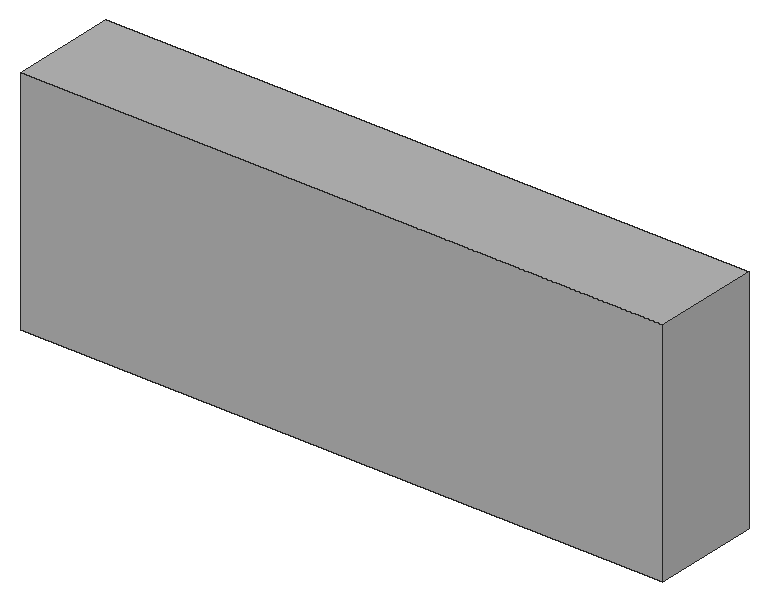
Revit family "100x215x600mm Padstone -PS102", category Generic Models, Revit 2020
Family settings
  Can host rebar = No
  Round Connector Dimension = Use Diameter
  Part Type = Normal
  Work Plane-Based = No
  Always vertical = Yes
  Cut with Voids When Loaded = No
  Shared = No
  Room Calculation Point = No
Parameters
  Weight = "31Kg"
  Warranty Guarantor Parts = "n/a"
  Warranty Guarantor Labour = "n/a"
  Warranty Duration Unit = "n/a"
  Warranty Duration Parts = "n/a"
  Warranty Duration Labour = "n/a"
  Warranty Description = "n/a"
  Unit Width [instance] = 100 mm
  Unit Length [instance] = 600 mm
  Unit Height [instance] = 215 mm
  URL = "www.killeshal.com"
  Types = "Single"
  Type Comments = "Visit our website for a full list of available products."
  Sustainability Performance = "n/a"
  Structural Class = "n/a"
  Span = "Length."
  Slope = "0.00°"
  Size = "100 Wide x 215 High x 600mm Long."
  Shape = "As per drawing"
  Service Life = "0.000000"
  Serial Number = "n/a"
  Resistance to Fire = "n/a"
  Replacement Cost = "n/a"
  Reference = "n/a"
  Notified Body = "n/a"
  Nominal Cover to Main Bar = "n/a"
  Model = "P/102 Padstone."
  Mechanical Resistance = "n/a"
  Manufacturer = "Killeshal Precast Concrete Ltd."
  Load Bearing = yes
  Life Cycle Environmental Load = "n/a"
  Length Options = "Stock sizes available. Custom sizes made to order."
  Keynote = "The information contained is the sole property of KPC Ltd., any reproduction in part or whole without permission of KPC Ltd. is prohibited."
  Environmental Product Declaration = "n/a"
  Environmental Class = "n/a"
  Durability against Corrosion = "n/a"
  Dimension Accuracy Class = "n/a"
  Detailing = "As per design specification and product drawings."
  Description = "Padstone 100 x 215 x 600mm."
  Default Elevation = 0 mm
  Dangerous Substances = "n/a"
  Contact Tel = "0035357 9353018"
  Contact Email = "sales@killeshal.com"
  Construction Type = "Precast"
  Construction Tolerance Class = "n/a"
  Compressive Strength of Concrete = "40N/mm²"
  Characteristics of Reinforcing Steel = "n/a"
  Characteristics Deflection Under Load = "n/a"
Reference planes
  plane 1 "Center (Front/Back)": y = 0
  plane 2: z = 0
  plane 3 "Center (Left/Right)": x = 0
  plane 4 "Rear": y = 50
  plane 5 "Front": y = -50
  plane 6 "Top": z = 215
Forms (mm)
  Extrusion 1, solid, material "Precast Concrete (KPC)"
    sketch origin (0, 0, 0) x (0, 1, 0) y (0, 0, 1)
      loop
        line (50, 0) -> (50, 215) -> (-50, 215) -> (-50, 0) -> (50, 0)
    from 0 to 600
Dimensions and locks
  "Unit Length": Extrusion 1 to Extrusion 1
  "Unit Width": Extrusion 1 to Extrusion 1
  "Unit Height": Extrusion 1 to Extrusion 1
  aligned and locked: level to plane 2
Automatic sketch dimensions
  Extrusion 1 sketch curve to level = 0 mm
  Extrusion 1 sketch curve to plane 5 "Front" = 0 mm
  Extrusion 1 sketch curve to plane 4 "Rear" = 0 mm
  Extrusion 1 sketch curve to plane 6 "Top" = 0 mm
